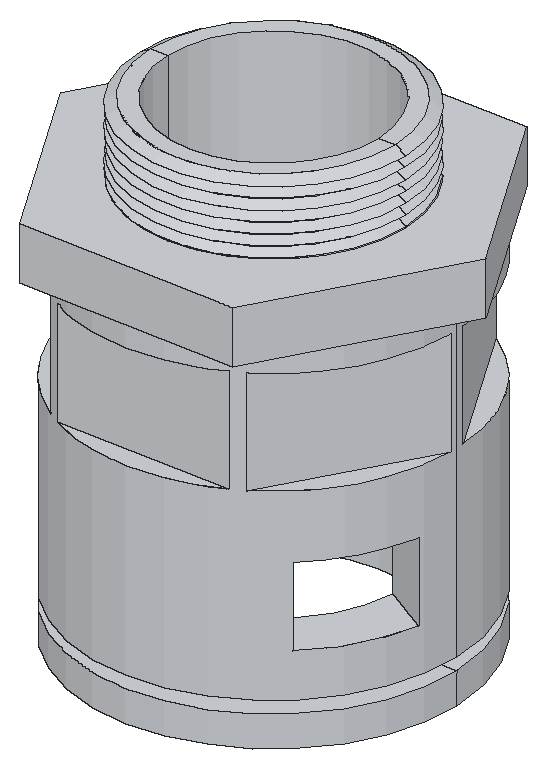
Revit family "FCSG25P", category Generic Models, Revit 2017
Family settings
  Can host rebar = No
  Round Connector Dimension = Use Diameter
  Part Type = Normal
  Work Plane-Based = Yes
  Always vertical = No
  Cut with Voids When Loaded = No
  Shared = No
  Room Calculation Point = No
Parameters (values of type "NBS Standard Parameters")
  Weight = "0.015kg"
  WarrantyStartDate [instance] = "1900-12-31T23:59:59"
  WarrantyGuarantorParts = "12 Months"
  WarrantyGuarantorLabor = "n/a"
  WarrantyDurationUnit = "12 Months"
  WarrantyDurationParts = "n/a"
  WarrantyDurationLabor = "n/a"
  WarrantyDescription = "n/a"
  Version = "1"
  Uniclass2 = "Pr_65_70_11_30"
  URL = "www.metpro.co.uk"
  TagNumber [instance] = "n/a"
  SustainabilityPerformance = "n/a"
  Size = "25mm"
  Shape = "Circular"
  SerialNumber [instance] = "n/a"
  Revision = "n/a"
  ReplacementCost = "n/a"
  ProductInformation = "www.metpro.co.uk/pdf/fcSG25P.pdf"
  NominalWidth = 30 mm
  NominalLength = 40 mm
  NominalHeight = 30 mm
  Name = "FCSG25P - FLEXICONDUIT ADAPTOR"
  NBSTypeID = "n/a"
  NBSReference = "90-55-10/360"
  NBSOfficeMasterTag = "n/a"
  NBSNote = "n/a"
  NBSDescription = "Flexible Conduit"
  NBSCertification = "n/a"
  ModelReference = "Flexiconduit fittings"
  ModelNumber = "FCSG25P"
  Material = "PVC"
  ManufacturerURL = "www.metpro.co.uk"
  ManufacturerName = "Metpro ltd"
  Manufacturer = "Metpro Limited"
  Keynote = "IP40 Rated"
  InstallationDate [instance] = "1900-12-31T23:59:59"
  IfcExportType = ""
  IfcExportAs = ""
  Grade = "n/a"
  Finish = "Black"
  Features = "n/a"
  ExpectedLife = "n/a"
  DurationUnit = "1 Year"
  Description = "FCSG25P - 25mm Swivel Adaptor"
  Default Elevation = 1219.2 mm
  Constituents = "n/a"
  Color = "PVC"
  CodePerformance = "n/a"
  Category = "n/a"
  BarCode [instance] = "n/a"
  BIMObjectName = "Metpro_Metprolibrary_Flexiconduit_Conduitaccessories"
  Author = "Metpro"
  AssetType = "Fixed"
  AssetIdentifier [instance] = "n/a"
  AccessibilityPerformance = "n/a"
Reference planes
  plane 1 "Center (Front/Back)": y = 0
  plane 2: z = -49.367
  plane 3 "Center (Left/Right)": x = 0
Forms (mm)
  Revolve 1, solid
    sketch origin (48.178, 99.234, -25.271) x (1, 0, 0) y (0, 0, 1)
      loop
        line (0, 54.953) -> (-11.572, 54.953) -> (-12.546, 54.39) -> (-11.623, 53.89) -> (-12.489, 53.39) -> (-11.629, 52.872) -> (-12.526, 52.354) -> (-11.621, 51.863) -> (-12.5, 51.373) -> (-11.61, 50.86) -> (-12.499, 50.347) -> (-11.648, 49.856) -> (-12.508, 49.365) -> (-11.656, 48.851) -> (-12.5, 48.338) -> (-12.5, 43.275) -> (-17.4, 43.275) -> (-17.4, 13.575) -> (-15.115, 13.575) -> (-15.115, 12.431) -> (-17.4, 12.431) -> (-17.4, 9.477) -> (0, 9.477) -> (0, 54.953)
      axis (0, 9.477) -> (0, 54.953)
    angle from 0 to 360
  Extrusion 2, void
    sketch origin (48.178, 99.234, -15.794) x (1, 0, 0) y (0, 1, 0)
      loop
        circle (0, 0) r 12.514
    from 0 to 20
  Extrusion 3, solid
    sketch origin (48.178, 99.234, 18.004) x (0, 1, 0) y (-1, 0, 0)
      loop
        line (-17.4, -10.046) -> (0, -20.092) -> (17.4, -10.046) -> (17.4, 10.046) -> (0, 20.092) -> (-17.4, 10.046) -> (-17.4, -10.046)
      loop
        circle (0, 0) r 12.546
    from 0 to 5
  Extrusion 4, void
    sketch origin (48.178, 99.234, 18.004) x (-1, 0, 0) y (0, 1, 0)
      loop
        circle (0, 0) r 10
    from 20 to -20
  Extrusion 5, void
    sketch origin (38.132, 116.634, 18.004) x (0.5, 0.866025, 0) y (0, 0, 1)
      loop
        line (-10.046, -2.033) -> (-19.031, -2.033) -> (-19.031, -12.033) -> (-1.06, -12.033) -> (-1.06, -2.033) -> (-10.046, -2.033)
    from 0 to 2
  Extrusion 6, void
    sketch origin (38.132, 116.634, 18.004) x (0.5, 0.866025, 0) y (0, 0, 1)
      loop
        line (-15.046, -25.491) -> (-5.046, -25.491) -> (-5.046, -17.991) -> (-10.046, -17.991) -> (-15.046, -17.991) -> (-15.046, -25.491)
    from 0 to 40
  Extrusion 7, void
    sketch origin (28.087, 99.234, 18.004) x (-0.5, 0.866025, 0) y (0, 0, 1)
      loop
        line (-10.046, -1.952) -> (-19.046, -1.952) -> (-19.046, -11.952) -> (-1.071, -11.952) -> (-1.071, -1.952) -> (-10.046, -1.952)
    from 0 to 2
  Extrusion 8, void
    sketch origin (38.132, 81.834, 18.004) x (-1, 0, 0) y (0, 0, 1)
      loop
        line (-10.046, -1.96) -> (-19.021, -1.96) -> (-19.021, -11.96) -> (-1.025, -11.96) -> (-1.025, -1.96) -> (-10.046, -1.96)
    from 0 to 2
  Extrusion 9, void
    sketch origin (58.224, 81.834, 18.004) x (-0.5, -0.866025, 0) y (0, 0, 1)
      loop
        line (-10.046, -1.97) -> (-19.056, -1.97) -> (-19.056, -11.97) -> (-1.088, -11.97) -> (-1.088, -1.97) -> (-10.046, -1.97)
    from 0 to 2
  Extrusion 10, void
    sketch origin (68.27, 99.234, 18.004) x (0.5, -0.866025, 0) y (0, 0, 1)
      loop
        line (-10.046, -1.96) -> (-19.005, -1.96) -> (-19.005, -11.96) -> (-1.018, -11.96) -> (-1.018, -1.96) -> (-10.046, -1.96)
    from 0 to 2
  Extrusion 11, void
    sketch origin (58.224, 116.634, 18.004) x (1, 0, 0) y (0, 0, 1)
      loop
        line (-10.046, -2.035) -> (-19.041, -2.035) -> (-19.041, -12.035) -> (-1.041, -12.035) -> (-1.041, -2.035) -> (-10.046, -2.035)
    from 0 to 2
Cuts and joins
  Extrusion 2, Extrusion 4, Extrusion 5, Extrusion 6, Extrusion 7, Extrusion 8, Extrusion 9, Extrusion 10, Extrusion 11 cuts Revolve 1
Dimensions and locks
  aligned and locked: level to plane 2
  aligned and locked: Revolve 1 sketch curve to Revolve 1 sketch curve
